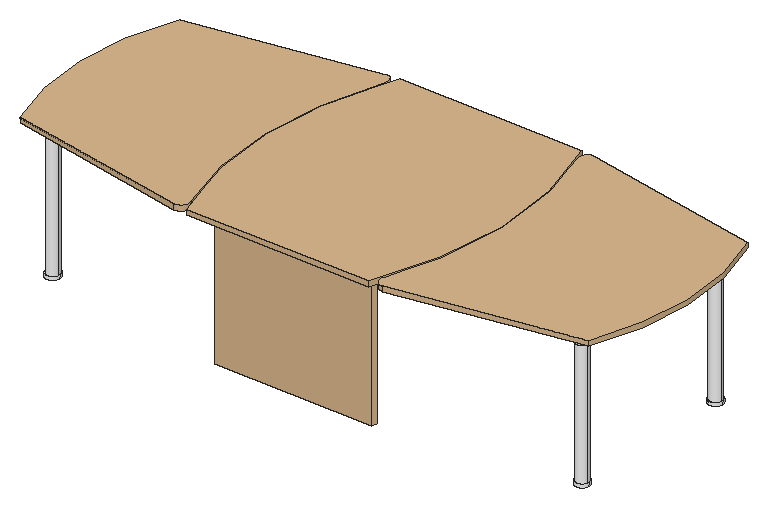
Revit family
Parameters (values of type "3100 x 1400")
  Vis - Symbolic Hidden = yes
  Material Table = Wood - Birch
  Model = "Meeting Table"
  Manufacturer = "Revit"
  Material Leg = Metal - Chrome
  Keynote = "N"
  Description = "Table"
  Material Center Table = Wood - Birch
  Assembly Code = "E2020200"
Reference planes
  plane 1: z = 0
  plane 2 "Center (Left/Right)": x = 0
  plane 3: y = -188.822
  plane 4: x = -1350
  plane 5: x = 1350
  plane 6: y = 235.834
  plane 7: y = -613.477
Forms (mm)
  Extrusion 1, solid, material "Wood - Birch" <- "Material Table"
    sketch origin (0, 0, 0) x (1, 0, 0) y (0, 1, 0)
      loop
        arc (1450, -696.785) -> (1550, -188.822) -> (1450, 319.141) r 1340.133
        arc (1450, 319.141) -> (995.216, 421.551) -> (533.462, 485.575) r 5570.227
        arc (533.462, 485.575) -> (497.865, 470.067) -> (492.201, 431.654) r 40
        arc (492.201, 431.654) -> (605.223, -188.822) -> (492.201, -809.297) r 1759.677
        arc (492.201, -809.297) -> (497.865, -847.71) -> (533.462, -863.218) r 40
        arc (533.462, -863.218) -> (995.216, -799.194) -> (1450, -696.785) r 5570.227
      loop
        arc (-1450, -696.785) -> (-995.216, -799.194) -> (-533.462, -863.218) r 5570.227
        arc (-533.462, -863.218) -> (-497.865, -847.71) -> (-492.201, -809.297) r 40
        arc (-492.201, -809.297) -> (-605.223, -188.822) -> (-492.201, 431.654) r 1759.677
        arc (-492.201, 431.654) -> (-497.865, 470.067) -> (-533.462, 485.575) r 40
        arc (-533.462, 485.575) -> (-995.216, 421.551) -> (-1450, 319.141) r 5570.227
        arc (-1450, 319.141) -> (-1550, -188.822) -> (-1450, -696.785) r 1340.133
    from 700 to 725
  Extrusion 2, solid, material "Wood - Birch" <- "Material Center Table"
    sketch origin (0, 0, 0) x (1, 0, 0) y (0, 1, 0)
      loop
        arc (465.04, 491.732) -> (0, 511.178) -> (-465.04, 491.732) r 5570.227
        arc (-465.04, 491.732) -> (-602.223, -188.822) -> (-465.04, -869.375) r 1756.677
        arc (-465.04, -869.375) -> (0, -888.822) -> (465.04, -869.375) r 5570.227
        arc (465.04, -869.375) -> (602.223, -188.822) -> (465.04, 491.732) r 1756.677
    from 700 to 725
  Extrusion 3, solid, material "Wood - Birch" <- "Material Center Table"
    sketch origin (0, 0, 0) x (1, 0, 0) y (0, 1, 0)
      loop
        arc (-408.354, -747.531) -> (-404.626, -757.851) -> (-400.83, -768.146) r 1659.677
        arc (-400.83, -768.146) -> (0, -782.868) -> (400.83, -768.146) r 5464.273
        arc (400.83, -768.146) -> (404.626, -757.851) -> (408.354, -747.531) r 1659.677
        arc (408.354, -747.531) -> (0, -762.868) -> (-408.354, -747.531) r 5444.273
      loop
        arc (408.354, 369.888) -> (404.626, 380.208) -> (400.83, 390.503) r 1659.677
        arc (400.83, 390.503) -> (0, 405.224) -> (-400.83, 390.503) r 5464.273
        arc (-400.83, 390.503) -> (-404.626, 380.208) -> (-408.354, 369.888) r 1659.677
        arc (-408.354, 369.888) -> (0, 385.224) -> (408.354, 369.888) r 5444.273
    from 0 to 700
Lines and regions (mm)
  Masking region 1
    outline origin (0, 0, 0) x (1, 0, 0) y (0, 1, 0)
      loop
        arc (-533.462, 485.575) -> (-995.216, 421.551) -> (-1450, 319.141) r 5570.227
        arc (-1450, 319.141) -> (-1550, -188.822) -> (-1450, -696.785) r 1340.133
        arc (-1450, -696.785) -> (-995.216, -799.194) -> (-533.462, -863.218) r 5570.227
        arc (-533.462, -863.218) -> (-497.865, -847.71) -> (-492.201, -809.297) r 40
        arc (-492.201, -809.297) -> (-480.58, -839.303) -> (-468.412, -869.092) r 1759.677
        arc (-468.412, -869.092) -> (0, -888.822) -> (468.412, -869.092) r 5570.227
        arc (468.412, -869.092) -> (480.58, -839.303) -> (492.201, -809.297) r 1759.677
        arc (492.201, -809.297) -> (497.865, -847.71) -> (533.462, -863.218) r 40
        arc (533.462, -863.218) -> (995.216, -799.194) -> (1450, -696.785) r 5570.227
        arc (1450, -696.785) -> (1550, -188.822) -> (1450, 319.141) r 1340.133
        arc (1450, 319.141) -> (995.216, 421.551) -> (533.462, 485.575) r 5570.227
        arc (533.462, 485.575) -> (497.865, 470.067) -> (492.201, 431.654) r 40
        arc (492.201, 431.654) -> (480.58, 461.66) -> (468.412, 491.449) r 1759.677
        arc (468.412, 491.449) -> (0, 511.178) -> (-468.412, 491.449) r 5570.227
        arc (-468.412, 491.449) -> (-480.58, 461.66) -> (-492.201, 431.654) r 1759.677
        arc (-492.201, 431.654) -> (-497.865, 470.067) -> (-533.462, 485.575) r 40
  symbolic lines, visible <- "Vis - Symbolic Hidden"
    curve 1: arc (-533.462, 485.575, 0) -> (-995.216, 421.551, 0) -> (-1450, 319.141, 0) r 5570.227
    curve 2: arc (-1450, 319.141, 0) -> (-1550, -188.822, 0) -> (-1450, -696.785, 0) r 1340.133
    curve 3: arc (-1450, -696.785, 0) -> (-995.216, -799.194, 0) -> (-533.462, -863.218, 0) r 5570.227
    curve 4: arc (-533.462, -863.218, 0) -> (-497.865, -847.71, 0) -> (-492.201, -809.297, 0) r 40
    curve 5: arc (-492.201, -809.297, 0) -> (-605.223, -188.822, 0) -> (-492.201, 431.654, 0) r 1759.677
    curve 6: arc (-492.201, 431.654, 0) -> (-497.865, 470.067, 0) -> (-533.462, 485.575, 0) r 40
    curve 7: arc (1450, 319.141, 0) -> (995.216, 421.551, 0) -> (533.462, 485.575, 0) r 5570.227
    curve 8: arc (533.462, 485.575, 0) -> (497.865, 470.067, 0) -> (492.201, 431.654, 0) r 40
    curve 9: arc (492.201, 431.654, 0) -> (605.223, -188.822, 0) -> (492.201, -809.297, 0) r 1759.677
    curve 10: arc (492.201, -809.297, 0) -> (497.865, -847.71, 0) -> (533.462, -863.218, 0) r 40
    curve 11: arc (533.462, -863.218, 0) -> (995.216, -799.194, 0) -> (1450, -696.785, 0) r 5570.227
    curve 12: arc (1450, -696.785, 0) -> (1550, -188.822, 0) -> (1450, 319.141, 0) r 1340.133
    curve 13: arc (465.04, 491.732, 0) -> (0, 511.178, 0) -> (-465.04, 491.732, 0) r 5570.227
    curve 15: arc (-465.04, -869.375, 0) -> (0, -888.822, 0) -> (465.04, -869.375, 0) r 5570.227
  symbolic lines
    curve 14: arc (-465.04, 491.732, 0) -> (-602.223, -188.822, 0) -> (-465.04, -869.375, 0) r 1756.677
    curve 16: arc (465.04, -869.375, 0) -> (602.223, -188.822, 0) -> (465.04, 491.732, 0) r 1756.677
  symbolic lines, style "FurnitureHiddenLines", visible <- "Vis - Symbolic Hidden"
    curve 17: arc (-1393, 235.834, 0) -> (-1350, 192.834, 0) -> (-1307, 235.834, 0) r 43
    curve 18: arc (-1307, 235.834, 0) -> (-1350, 278.834, 0) -> (-1393, 235.834, 0) r 43
    curve 19: arc (-1393, -613.477, 0) -> (-1350, -656.477, 0) -> (-1307, -613.477, 0) r 43
    curve 20: arc (-1307, -613.477, 0) -> (-1350, -570.477, 0) -> (-1393, -613.477, 0) r 43
    curve 21: arc (1307, -613.477, 0) -> (1350, -656.477, 0) -> (1393, -613.477, 0) r 43
    curve 22: arc (1393, -613.477, 0) -> (1350, -570.477, 0) -> (1307, -613.477, 0) r 43
    curve 23: arc (1307, 235.834, 0) -> (1350, 192.834, 0) -> (1393, 235.834, 0) r 43
    curve 24: arc (1393, 235.834, 0) -> (1350, 278.834, 0) -> (1307, 235.834, 0) r 43
Dimensions and locks
  aligned and locked: Extrusion 1 to nested 1
  aligned and locked: Extrusion 1 to Extrusion 2  (x2)
  aligned and locked: curve 17 to nested 2
  aligned and locked: curve 18 to nested 2
  aligned and locked: curve 19 to nested 1
  aligned and locked: curve 20 to nested 1
  aligned and locked: curve 21 to nested 3
  aligned and locked: curve 22 to nested 3
  aligned and locked: curve 23 to nested 4
  aligned and locked: curve 24 to nested 4
  aligned and locked: Masking region 1 sketch curve to curve 1
  aligned and locked: Masking region 1 sketch curve to curve 2
  aligned and locked: Masking region 1 sketch curve to curve 3
  aligned and locked: Masking region 1 sketch curve to curve 4
  aligned and locked: Masking region 1 sketch curve to curve 5
  aligned and locked: Masking region 1 sketch curve to curve 6
  aligned and locked: Masking region 1 sketch curve to curve 7
  aligned and locked: Masking region 1 sketch curve to curve 8
  aligned and locked: Masking region 1 sketch curve to curve 9
  aligned and locked: Masking region 1 sketch curve to curve 10
  aligned and locked: Masking region 1 sketch curve to curve 11
  aligned and locked: Masking region 1 sketch curve to curve 12
  aligned and locked: Masking region 1 sketch curve to Extrusion 2  (x2)
Nested families
  nested 1: "Leg" at (-1350, -613.477, 0), type "Height 700mm"
  nested 2: "Leg" at (-1350, 235.834, 0), type "Height 700mm"
  nested 3: "Leg" at (1350, -613.477, 0) x (-1, 0, 0) z (0, 0, 1), type "Height 700mm"
  nested 4: "Leg" at (1350, 235.834, 0) x (-1, 0, 0) z (0, 0, 1), type "Height 700mm"
Definition of nested family "Leg"
  Parameters (values of type "Height 700mm")
    Model = "Abacus"
    Manufacturer = "LM"
    Leg Material = none
    Description = "Table Leg"
    Assembly Code = "E2020200"
  Reference planes
    plane 1 "Center (Front/Back)": y = 0
    plane 2: z = 0
    plane 3 "Center (Left/Right)": x = 0
  Forms (mm)
    Revolve 1, solid, material <- "Leg Material"
      sketch origin (0, 0, 0) x (1, 0, 0) y (0, 0, 1)
        loop
          line (0, 15) -> (0, 700) -> (-43, 700) -> (-33, 650) -> (-30, 650) -> (-30, 15) -> (0, 15)
        axis (0, 15) -> (0, 700)
      angle from 0 to 360
    Extrusion 2, solid, material <- "Leg Material"
      sketch origin (0, 0, 0) x (1, 0, 0) y (0, 1, 0)
        loop
          circle (0, 0) r 35
      from 0 to 15
  Dimensions and locks
    aligned and locked: plane 3 "Center (Left/Right)" to Revolve 1 sketch curve
    aligned and locked: Revolve 1 to Extrusion 2
